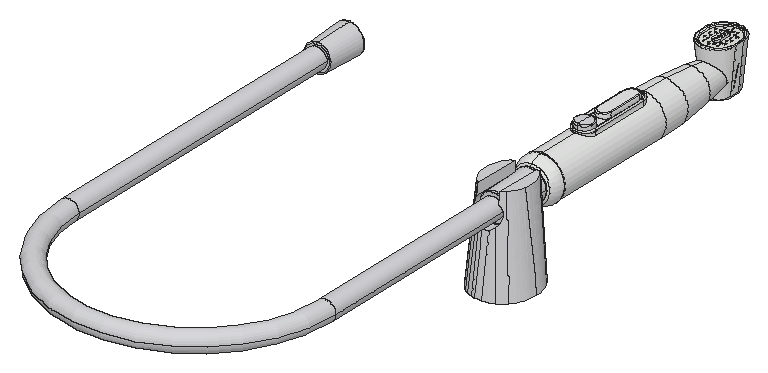
Revit family "Shower-Hygiene_Spray-KOHLER-Spaviva-K-29152T_1", category Plumbing Fixtures, host Face, Revit 2021
Family settings
  Host = Face
  Round Connector Dimension = Use Diameter
  Part Type = Normal
  OmniClass Number = 23.31.17.00
  OmniClass Title = Showers
  Cut with Voids When Loaded = No
  Shared = No
  Room Calculation Point = No
Parameters (values of type "WPT-White")
  Width = 1.8189"  # constant formula
  WaterSense Certified = 1 = 0  # no
  Waste Water Outlet = "Waste Water Outlet"  # constant formula
  Waste Connection = 1 = 0  # no
  Vent Connection = 1 = 0  # no
  URL = "http://www.kohler.com.cn/"
  Type = 3
  Tempered Water Inlet = "Tempered Water Inlet"  # constant formula
  Product Page URL = ""
  Product Name = "Spaviva"  # constant formula
  Product Documentation Link = ""
  Pressure = 0.00 psi
  Model = if(Type = 1, "K-29152T-BPT", if(Type = 2, "K-29152T-CP", if(Type = 3, "K-29152T-WPT", "NA")))  # "K-29152T-WPT"
  Material = "Plastic"  # constant formula
  Master Format 2014 Name = "Residential Showers"  # constant formula
  Master Format 2014 = "22 42 23"  # constant formula
  Manufacturer Address = "Kohler Beijing Office (100016) 36-2-03-B, No. 88, Liuxiang Road, Beijing"  # constant formula
  Manufacturer = "Kohler Co."  # constant formula
  Length = 2.20276"  # constant formula
  Hot Water Inlet = "Hot Water Inlet"  # constant formula
  Hose Finish = Kohler-Plastic-CP-Polished_Chrome
  Height = 9.55732"  # constant formula
  HW Connection = 1 = 1  # yes
  Flow Rate = 0 GPM
  Finish = Kohler-Plastic-WPT-White
  Face Plate Finish = Kohler-Plastic-NY-Dune
  Environmental Product Declaration = ""
  Drain Included = 1 = 0  # no
  Description = "Hygiene Spray For Body Clean"  # constant formula
  Default Elevation = 42"
  Declare Label = ""
  Date Modified = "04/08/2024"  # constant formula
  Date Created = "04/08/2024"  # constant formula
  Copyright = "Copyright Kohler Co."  # constant formula
  Contact Us = "http://www.kohler.com.cn/contact/contact-us/"
  Cold Water Inlet = "Cold Water Inlet"  # constant formula
  CW Connection = 1 = 0  # no
  Bracket Finish = Kohler-Plastic-CP-Polished_Chrome
  Assembly Code = "D2010700"
  ADA Compliant = 1 = 0  # no
Reference planes (in)
  plane 1 "Center (Front/Back)": y = 0
  plane 2: z = 0
  plane 3 "Center (Left/Right)": x = 0
  plane 4: y = 9.5573228
  plane 5: y = 8.2226772
  plane 6: x = -7.5333022
  plane 7: x = -0.6496063
  plane 8: x = 0.6496063
  plane 9: x = -0.9094488
  plane 10: x = 0.9094488
  plane 11: y = 1.9195215
  plane 12: x = -7.8246408
  plane 13: x = -7.2419636
  plane 14: x = -0.2913386
  plane 15: x = 0.2913386
  plane 16: y = 4.6614785
  plane 17: y = 5.9410957
  plane 18: y = 3.5706232
  plane 19: y = 3.4803762
  plane 20: y = 0.5411329
  plane 21: z = 2.8523487
  plane 22: z = 1.5531361
  plane 23: z = 2.2027559
  plane 24: z = 2.9114038
  plane 25: z = 3.0602541
  plane 26: y = -9.681058
  plane 27: x = -0.5543307
  plane 28: x = 0.5543307
  plane 29: z = 3.0091214
  plane 30: y = 1.7637795
  plane 31: z = 2.7943115
  plane 32: z = 0.0187209
Dimensions and locks (in)
  "Width": plane 9 to plane 10
  "Height": plane 1 "Center (Front/Back)" to plane 4
  plane 27 to plane 28 = 1.10866"
  plane 5 to plane 4 = 1.33465"
  plane 18 to plane 17 = 2.37047"
  "Length": plane 23 to level
  plane 11 to plane 4 = 7.6378"
  plane 7 to plane 8 = 1.29921"
  plane 14 to plane 15 = 0.58268"
  plane 22 to plane 25 = 1.50712"
  plane 21 to plane 24 = 0.05906"
  plane 16 to plane 19 = 1.1811"
  plane 30 to plane 1 "Center (Front/Back)" = 1.76378"
  plane 31 to plane 32 = 2.77559"
  aligned and locked: plane 2 to host face
  aligned and locked: level to host face
  aligned and locked: plane 3 "Center (Left/Right)" to nested 1
  aligned and locked: plane 1 "Center (Front/Back)" to nested 1
Automatic sketch dimensions
  host sketch curve to host sketch curve = 96"  (x2)
Nested families (in)
  nested 1: "K-29152T" at (0, 0, 0), type "K-29152T"
Connectors (in)
  piping at (-7.5333022, 4.6614785, 2.2027424), diameter 0.5, driven by "HW Connection", driven by "Tempered Water Inlet"
    settings: on nested 1, index 1, connector inside diameter 24", connector length 0", flow factor 0, pipe flow 0 GPM, pressure drop 0.00 psi, fitting loss kfactor 0, connector angle 0.00°, fixture units 0, engagement length 0", angle of deflection 0.00°, flow configuration 0, flow direction 1, fitting loss method 0, system type 19, joint type 0, gender type 0, connector reference index -1, connector utility 1, adjustable connector no, is connector primary yes, connector description "Tempered Water Inlet"
Definition of nested family "K-29152T"
  Parameters (values of type "K-29152T")
    Material = none
    Hose Material = none
    HW Connection = no
    Face Plate Material = none
    Default Elevation = 0"
    Bracket Material = none
  Reference planes (in)
    plane 1 "Center (Front/Back)": y = 0
    plane 2: z = 0
    plane 3 "Center (Left/Right)": x = 0
    plane 4: x = -0.6496063
    plane 5: x = 0.6496063
    plane 6: y = 1.9195215
    plane 7: y = 9.5573167
    plane 8: x = -0.5543307
    plane 9: x = 0.5543307
    plane 10: y = 8.2226711
    plane 11: y = 5.9410957
    plane 12: y = 3.5706232
    plane 13: x = -0.2913386
    plane 14: x = 0.2913386
    plane 15: x = -0.9094488
    plane 16: x = 0.9094488
    plane 17: z = 2.2027424
    plane 18: z = 2.8523487
    plane 19: z = 1.5531361
    plane 20: z = 2.9114038
    plane 21: z = 1.6311202
    plane 22: z = 3.0602541
    plane 23: y = 1.7637795
    plane 24: z = 2.7943115
    plane 25: y = 0.5411329
    plane 26: x = -0.4527559
    plane 27: x = 0.4527559
    plane 28: z = 2.6554983
    plane 29: z = 1.7499865
    plane 30: y = 4.6614785
    plane 31: x = -7.5333022
    plane 32: y = 3.4803762
    plane 33: x = -7.8246408
    plane 34: x = -7.2419636
    plane 35: y = -9.681058
    plane 36: z = 3.0091214
    plane 37: z = 0.0187209
  Forms (in)
    Revolve 1, solid, material <- "Material", detail levels medium+fine
      sketch origin (0, 0, 0) x (0, 1, 0) y (0, 0, 1)
        loop
          line (2.3132223, 2.2027424) -> (8.7246194, 2.2027424) -> (8.7246194, 2.5870974)
          arc (8.7246194, 2.5870974) -> (8.2749557, 2.6596824) -> (7.8237758, 2.7221545) r 20.2882511
          arc (7.8237758, 2.7221545) -> (7.3589429, 2.7757678) -> (6.8929973, 2.818647) r 20.2882511
          arc (6.8929973, 2.818647) -> (6.4735266, 2.8439199) -> (6.0533797, 2.8523487) r 10.475618
          line (6.0533797, 2.8523487) -> (2.3351396, 2.8523487)
          arc (2.3351396, 2.8523487) -> (2.3196417, 2.8459293) -> (2.3132223, 2.8304314) r 0.0219173
          line (2.3132223, 2.8304314) -> (2.3132223, 2.2027424)
        axis (2.3132223, 2.2027424) -> (8.7246194, 2.2027424)
      angle from 0 to 360
    Revolve 2, solid, material <- "Hose Material"
      sketch origin (0, 0, 2.2022638) x (1, 0, 0) y (0, 1, 0)
        loop
          line (0, 0.5411329) -> (0, 1.9195215) -> (-0.436553, 1.9195215)
          arc (-0.436553, 1.9195215) -> (-0.4512479, 1.9133063) -> (-0.4570234, 1.8984331) r 0.0204795
          line (-0.4570234, 1.8984331) -> (-0.4172942, 0.5626672)
          arc (-0.4172942, 0.5626672) -> (-0.4105684, 0.5474018) -> (-0.3951099, 0.5411329) r 0.0221941
          line (-0.3951099, 0.5411329) -> (0, 0.5411329)
        axis (0, 0.5411329) -> (0, 1.9195215)
      angle from 0 to 360
    Blend 3, solid, material <- "Bracket Material"
      base sketch origin (0, 0, 0) x (1, 0, 0) y (0, 1, 0)
        loop
          arc (0.6439475, 0.2912815) -> (0.844251, 0.6201783) -> (0.9093521, 0.999726) r 1.0271218
          arc (0.9093521, 0.999726) -> (0.8486182, 1.332625) -> (0.6852116, 1.6289503) r 1.0506281
          arc (0.6852116, 1.6289503) -> (0.6414587, 1.6798705) -> (0.593387, 1.7267352) r 0.7607745
          arc (0.593387, 1.7267352) -> (0.5797313, 1.7354518) -> (0.5640235, 1.7394169) r 0.0507085
          arc (0.5640235, 1.7394169) -> (0.0034905, 1.7637803) -> (-0.5570446, 1.7394664) r 6.4668877
          arc (-0.5570446, 1.7394664) -> (-0.5802621, 1.7335313) -> (-0.6003421, 1.7204518) r 0.0735982
          arc (-0.6003421, 1.7204518) -> (-0.6446563, 1.6764443) -> (-0.6852116, 1.6289503) r 0.7607745
          arc (-0.6852116, 1.6289503) -> (-0.8486182, 1.332625) -> (-0.9093521, 0.999726) r 1.0506281
          arc (-0.9093521, 0.999726) -> (-0.8870811, 0.7669359) -> (-0.8127308, 0.5452171) r 1.0271218
          arc (-0.8127308, 0.5452171) -> (-0.7612551, 0.4489016) -> (-0.6998441, 0.3585959) r 1.0271218
          arc (-0.6998441, 0.3585959) -> (-0.6042236, 0.2497843) -> (-0.4942465, 0.1555066) r 1.0271218
          arc (-0.4942465, 0.1555066) -> (-0.4403642, 0.12163) -> (-0.3841562, 0.0917706) r 0.8727117
          arc (-0.3841562, 0.0917706) -> (-0.3152392, 0.061915) -> (-0.2440104, 0.0380956) r 0.8727117
          arc (-0.2440104, 0.0380956) -> (-0.2005412, 0.0268135) -> (-0.1565493, 0.0177825) r 0.8727117
          arc (-0.1565493, 0.0177825) -> (-0.0325125, 0.0046827) -> (0.092125, 0.0093985) r 0.8727117
          arc (0.092125, 0.0093985) -> (0.2592661, 0.0445608) -> (0.4163576, 0.111604) r 0.8727117
          arc (0.4163576, 0.111604) -> (0.5376672, 0.1919243) -> (0.6439475, 0.2912815) r 0.8727117
      top sketch origin (0, 0, 0) x (1, 0, 0) y (0, 1, 0)
        loop
          arc (0.5190695, 1.5989244) -> (0.4862101, 1.642799) -> (0.4500777, 1.6840202) r 0.7131206
          arc (0.4500777, 1.6840202) -> (0.431368, 1.6975741) -> (0.4090148, 1.7034135) r 0.0625623
          line (0.4090148, 1.7034135) -> (0.0037356, 1.7317534) -> (-0.4197381, 1.7021412)
          arc (-0.4197381, 1.7021412) -> (-0.435663, 1.6978692) -> (-0.448822, 1.687935) r 0.0431402
          arc (-0.448822, 1.687935) -> (-0.6502082, 1.3088316) -> (-0.6507189, 0.8795585) r 0.8900241
          arc (-0.6507189, 0.8795585) -> (-0.6155217, 0.7679732) -> (-0.5665424, 0.6617134) r 0.9265591
          arc (-0.5665424, 0.6617134) -> (-0.5053145, 0.5635259) -> (-0.4323258, 0.4737356) r 0.9265591
          arc (-0.4323258, 0.4737356) -> (-0.403284, 0.4443739) -> (-0.3722656, 0.4171088) r 0.5919072
          arc (-0.3722656, 0.4171088) -> (-0.2852015, 0.3579094) -> (-0.1890264, 0.3150715) r 0.5919072
          arc (-0.1890264, 0.3150715) -> (-0.1517893, 0.3036718) -> (-0.1138833, 0.2947453) r 0.5919072
          arc (-0.1138833, 0.2947453) -> (-0.0572228, 0.2861849) -> (0, 0.2831436) r 0.5919072
          arc (0, 0.2831436) -> (0.0711187, 0.2877666) -> (0.1411662, 0.3009037) r 0.5919072
          arc (0.1411662, 0.3009037) -> (0.1900651, 0.3154283) -> (0.2375318, 0.3341092) r 0.5919072
          arc (0.2375318, 0.3341092) -> (0.3420697, 0.3939601) -> (0.4323258, 0.4737356) r 0.5919072
          arc (0.4323258, 0.4737356) -> (0.5671563, 0.6628522) -> (0.6507189, 0.8795585) r 0.9265591
          arc (0.6507189, 0.8795585) -> (0.6621925, 1.2533876) -> (0.5190695, 1.5989244) r 0.8900241
      from 0.0187209 to 2.8005843
    Revolve 4, solid, material <- "Hose Material"
      sketch origin (-7.5333022, -0.5962025, 0) x (0, -1, 0) y (0, 0, -1)
        loop
          line (-5.2349678, -2.6553269) -> (-4.0958896, -2.5974734)
          arc (-4.0958896, -2.5974734) -> (-4.0821767, -2.5911717) -> (-4.0765787, -2.5771567) r 0.0203428
          line (-4.0765787, -2.5771567) -> (-4.0765787, -2.2027424) -> (-5.2576811, -2.2027424) -> (-5.2576811, -2.633738)
          arc (-5.2576811, -2.633738) -> (-5.2509569, -2.6494062) -> (-5.2349678, -2.6553269) r 0.0216168
        axis (-4.0765787, -2.2027424) -> (-5.2576811, -2.2027424)
      angle from 0 to 360
    Sweep 5, solid, material <- "Hose Material"
      path origin (0, 0, 0) x (1, 0, 0) y (0, 1, 0)
        loop
          line (-7.5333022, 3.4803762) -> (-7.5333022, -5.6202683)
          arc (-7.5333022, -5.6202683) -> (-3.7666511, -9.3869195) -> (0, -5.6202683) r 3.7666511
          line (0, -5.6202683) -> (0, 0.5411329)
      profile origin (-7.5333022, -1.0699461, 0) x (1, 0, 0) y (0, 0, 1)
        loop
          circle (0, 2.2027424) r 0.2913386
    Sweep 6, solid, material <- "Material", detail levels medium+fine
      path origin (0, 0, 0) x (1, 0, 0) y (0, 1, 0)
        loop
          arc (0.5509636, 9.033802) -> (0, 9.5567268) -> (-0.5509636, 9.033802) r 0.5517153
          arc (-0.5509636, 9.033802) -> (-0.5544248, 8.8838572) -> (-0.5491497, 8.7339652) r 2.5749108
          arc (-0.5491497, 8.7339652) -> (0, 8.2190406) -> (0.5491497, 8.7339652) r 0.5502871
          arc (0.5491497, 8.7339652) -> (0.5544248, 8.8838572) -> (0.5509636, 9.033802) r 2.5749108
      profile origin (0, 9.5567268, 0) x (0, 1, 0) y (0, 0, 1)
        loop
          line (-0.1547817, 1.6524027) -> (-0.0015038, 3.0410373)
          arc (-0.0015038, 3.0410373) -> (-0.0092224, 3.0569304) -> (-0.0268905, 3.0568349) r 0.0165769
          arc (-0.0268905, 3.0568349) -> (-0.0511024, 3.0424418) -> (-0.0761624, 3.0295822) r 0.4527589
          arc (-0.0761624, 3.0295822) -> (-0.089022, 3.0181902) -> (-0.0938019, 3.0016887) r 0.0308737
          line (-0.0938019, 3.0016887) -> (-0.0938019, 2.892307) -> (-0.3397643, 2.892307) -> (-0.3397643, 1.6313723) -> (-0.1782611, 1.6313723)
          arc (-0.1782611, 1.6313723) -> (-0.1625007, 1.6373986) -> (-0.1547817, 1.6524027) r 0.023622
    Blend 7, solid, material <- "Face Plate Material", detail levels medium+fine
      base sketch origin (0, 0, 0) x (1, 0, 0) y (0, 1, 0)
        loop
          arc (0.2116622, 9.0160719) -> (0, 9.2169625) -> (-0.2116622, 9.0160719) r 0.211951
          arc (-0.2116622, 9.0160719) -> (-0.2146667, 8.8859126) -> (-0.2100877, 8.7557992) r 2.2351465
          arc (-0.2100877, 8.7557992) -> (0, 8.5588049) -> (0.2100877, 8.7557992) r 0.2105228
          arc (0.2100877, 8.7557992) -> (0.2146667, 8.8859126) -> (0.2116622, 9.0160719) r 2.2351465
      top sketch origin (0, 0, 0) x (1, 0, 0) y (0, 1, 0)
        loop
          arc (0.4555417, 8.7399931) -> (0.4606246, 8.8844246) -> (0.4572895, 9.028907) r 2.4811089
          arc (0.4572895, 9.028907) -> (0, 9.4629249) -> (-0.4572895, 9.028907) r 0.4579134
          arc (-0.4572895, 9.028907) -> (-0.4606246, 8.8844246) -> (-0.4555417, 8.7399931) r 2.4811089
          arc (-0.4555417, 8.7399931) -> (0, 8.3128426) -> (0.4555417, 8.7399931) r 0.4564852
      from 1.6313723 to 3.0216698
    Extrusion 8, void
      sketch origin (0, 0, 0) x (1, 0, 0) y (0, 1, 0)
        loop
          circle (0.000332, 9.3282575) r 0.0241249
        loop
          circle (0.1943914, 9.2639837) r 0.0241249
        loop
          circle (0.0799005, 9.2362453) r 0.0241249
        loop
          circle (0.1990051, 9.1279403) r 0.0241249
        loop
          circle (0.3087952, 9.094567) r 0.0241249
        loop
          circle (0.227131, 8.9677947) r 0.0241249
        loop
          circle (0.325792, 8.8877142) r 0.0241249
        loop
          circle (-0.1943914, 9.2639837) r 0.0241249
        loop
          circle (-0.0799005, 9.2362453) r 0.0241249
        loop
          circle (-0.1990051, 9.1279403) r 0.0241249
        loop
          circle (-0.3087952, 9.094567) r 0.0241249
        loop
          circle (-0.227131, 8.9677947) r 0.0241249
        loop
          circle (-0.325792, 8.8877142) r 0.0241249
        loop
          circle (0.000332, 8.4467433) r 0.0241249
        loop
          circle (0.1943914, 8.5110171) r 0.0241249
        loop
          circle (0.0799005, 8.5387556) r 0.0241249
        loop
          circle (0.1990051, 8.6470605) r 0.0241249
        loop
          circle (0.3087952, 8.6804339) r 0.0241249
        loop
          circle (0.227131, 8.8010545) r 0.0241249
        loop
          circle (-0.1943914, 8.5110171) r 0.0241249
        loop
          circle (-0.0799005, 8.5387556) r 0.0241249
        loop
          circle (-0.1990051, 8.6447537) r 0.0241249
        loop
          circle (-0.3087952, 8.6804339) r 0.0241249
        loop
          circle (-0.227131, 8.8072061) r 0.0241249
      from 2.306418 to 3.3971472
    Extrusion 9, void
      sketch origin (0, 0, 0) x (1, 0, 0) y (0, 1, 0)
        loop
          line (-0.1023759, 9.056796) -> (-0.1023759, 8.7238517)
          arc (-0.1023759, 8.7238517) -> (-0.0007333, 8.6222091) -> (0.1009092, 8.7238517) r 0.1016426
          line (0.1009092, 8.7238517) -> (0.1009092, 9.056796)
          arc (0.1009092, 9.056796) -> (-0.0007333, 9.1584385) -> (-0.1023759, 9.056796) r 0.1016426
      from 2.8005843 to 3.5986242
    Extrusion 10, solid, material <- "Face Plate Material", detail levels medium+fine
      sketch origin (0, 0, 0) x (1, 0, 0) y (0, 1, 0)
        loop
          arc (-0.1002272, 8.725079) -> (-0.0005653, 8.625417) -> (0.0990967, 8.725079) r 0.099662
          line (0.0990967, 8.725079) -> (0.0990967, 9.0504357)
          arc (0.0990967, 9.0504357) -> (-0.0005653, 9.1500977) -> (-0.1002272, 9.0504357) r 0.099662
          line (-0.1002272, 9.0504357) -> (-0.1002272, 8.725079)
      from 2.8005843 to 3.0592212
    Extrusion 11, void
      sketch origin (0, 0, 0) x (1, 0, 0) y (0, 1, 0)
        loop
          circle (0.000024, 9.0538104) r 0.0393701
        loop
          circle (0.000024, 8.9435596) r 0.0393701
        loop
          circle (0.000024, 8.8329271) r 0.0393701
        loop
          circle (0.000024, 8.7233148) r 0.0393701
      from 2.8005843 to 3.7407566
    Extrusion 12, void
      sketch origin (0, 0, 0) x (1, 0, 0) y (0, 0, 1)
        loop
          line (-0.3238906, 3.072712) -> (-0.3238906, 2.480266)
          arc (-0.3238906, 2.480266) -> (-0.0004013, 1.7819658) -> (0.323088, 2.480266) r 0.4240787
          line (0.323088, 2.480266) -> (0.323088, 3.072712) -> (-0.3238906, 3.072712)
      from -2.8717308 to 0.5547134
    Sweep 13, solid, material <- "Material"
      path origin (0.031389, -7.5289106, 0.6851139) x (1, 0, 0) y (0, 1, 0)
        loop
          arc (0.2898371, 13.147695) -> (-0.0276517, 13.4651839) -> (-0.3451405, 13.147695) r 0.3174888
          line (-0.3451405, 13.147695) -> (-0.3451405, 11.4054781)
          arc (-0.3451405, 11.4054781) -> (-0.0276517, 11.0879892) -> (0.2898371, 11.4054781) r 0.3174888
          line (0.2898371, 11.4054781) -> (0.2898371, 13.147695)
      profile origin (0.0037373, 5.9362732, 0.6851139) x (0, 1, 0) y (0, 0, 1)
        loop
          arc (0.1236129, 1.8909285) -> (0.0166842, 2.02321) -> (0.0085186, 2.1931084) r 0.2737596
          arc (0.0085186, 2.1931084) -> (0.0013034, 2.2168943) -> (-0.023268, 2.2206458) r 0.0233082
          arc (-0.023268, 2.2206458) -> (-0.0418838, 2.2128378) -> (-0.060707, 2.205544) r 0.7349638
          arc (-0.060707, 2.205544) -> (-0.0777132, 2.2008931) -> (-0.0952741, 2.1993263) r 0.0991956
          line (-0.0952741, 2.1993263) -> (-0.1267701, 2.1993263) -> (-0.1267701, 1.8909285) -> (0.1236129, 1.8909285)
    Sweep 14, solid, material <- "Material"
      path origin (0, 0, 0) x (1, 0, 0) y (0, 1, 0)
        loop
          arc (-0.2144909, 4.5932636) -> (-0.0015784, 4.3803511) -> (0.211334, 4.5932636) r 0.2129124
          line (0.211334, 4.5932636) -> (0.211334, 5.6198036)
          arc (0.211334, 5.6198036) -> (-0.0015784, 5.8327161) -> (-0.2144909, 5.6198036) r 0.2129124
          line (-0.2144909, 5.6198036) -> (-0.2144909, 4.5932636)
      profile origin (-0.0015784, 4.3803511, 0) x (0, -1, 0) y (0, 0, 1)
        loop
          arc (-0.0584032, 2.7035817) -> (-0.0069772, 2.8426139) -> (-0.0125807, 2.9907462) r 0.3805056
          arc (-0.0125807, 2.9907462) -> (-0.0212427, 3.0043171) -> (-0.0364514, 3.0095986) r 0.0245386
          line (-0.0364514, 3.0095986) -> (-0.0981821, 3.0095986) -> (-0.0981821, 2.7035817) -> (-0.0584032, 2.7035817)
    Extrusion 15, solid, material <- "Material"
      sketch origin (0, 0, 0) x (1, 0, 0) y (0, 1, 0)
        loop
          line (0.1131519, 4.5932636) -> (0.1131519, 5.6198036)
          arc (0.1131519, 5.6198036) -> (-0.0015784, 5.7345339) -> (-0.1163088, 5.6198036) r 0.1147303
          line (-0.1163088, 5.6198036) -> (-0.1163088, 4.5932636)
          arc (-0.1163088, 4.5932636) -> (-0.0015784, 4.4785333) -> (0.1131519, 4.5932636) r 0.1147303
      from 2.7035817 to 3.0095986
    Revolve 16, solid
      sketch origin (0, 0, 0) x (0, 1, 0) y (0, 0, 1)
        loop
          line (3.8868994, 3.056352) -> (3.8868994, 2.8093347) -> (4.151711, 2.8093347) -> (4.151711, 3.0140793)
          arc (4.151711, 3.0140793) -> (4.1458632, 3.0298522) -> (4.1311464, 3.0380008) r 0.0241955
          arc (4.1311464, 3.0380008) -> (4.0093701, 3.0517975) -> (3.8868994, 3.056352) r 1.6205755
        axis (3.8868994, 2.8093347) -> (3.8868994, 3.056352)
      angle from 0 to 360
    Extrusion 17, solid, material <- "Material"
      sketch origin (0, 0, 0) x (1, 0, 0) y (0, 1, 0)
        loop
          arc (-0.1869814, 4.0744178) -> (0.0037373, 4.1517365) -> (0.194456, 4.0744178) r 0.2738781
          line (0.194456, 4.0744178) -> (0.194456, 4.5202392)
          arc (0.194456, 4.5202392) -> (0.0123425, 4.3838428) -> (-0.1869814, 4.4935665) r 0.2098293
          line (-0.1869814, 4.4935665) -> (-0.1869814, 4.0744178)
      from 2.8005843 to 2.8844401
    Revolve 18, solid, material <- "Material", detail levels coarse
      sketch origin (0, 0, 0) x (0, 1, 0) y (0, 0, 1)
        loop
          arc (1.9500832, 2.733063) -> (1.927596, 2.7064748) -> (1.9195215, 2.6726015) r 0.0750875
          line (1.9195215, 2.6726015) -> (1.9195215, 2.2027424) -> (2.3132223, 2.2027424) -> (2.3132223, 2.8523487)
          arc (2.3132223, 2.8523487) -> (2.1221077, 2.8217635) -> (1.9500832, 2.733063) r 0.6123913
        axis (1.9195215, 2.2027424) -> (2.3132223, 2.2027424)
      angle from 0 to 360
    Extrusion 19, solid, material <- "Material"
      sketch origin (0, 0, 0) x (1, 0, 0) y (0, 0, 1)
        loop
          circle (-7.5333022, 2.2027424) r 0.0787402
      from -4.6614785 to -4.4623199
    Extrusion 20, solid, material <- "Material", detail levels coarse
      sketch origin (0, 0, 0) x (1, 0, 0) y (0, 1, 0)
        loop
          arc (0.5509636, 9.033802) -> (0, 9.5567268) -> (-0.5509636, 9.033802) r 0.5517153
          arc (-0.5509636, 9.033802) -> (-0.5544248, 8.8838572) -> (-0.5491497, 8.7339652) r 2.5749108
          arc (-0.5491497, 8.7339652) -> (0, 8.2190406) -> (0.5491497, 8.7339652) r 0.5502871
          arc (0.5491497, 8.7339652) -> (0.5544248, 8.8838572) -> (0.5509636, 9.033802) r 2.5749108
      from 1.6313723 to 3.0592212
    Extrusion 21, solid, material <- "Bracket Material"
      sketch origin (0, 0, 0) x (1, 0, 0) y (0, 1, 0)
        loop
          arc (0.5478184, 1.6617826) -> (-0.0003448, 1.6850392) -> (-0.5484819, 1.6611735) r 6.3881475
          arc (-0.5484819, 1.6611735) -> (-0.5875176, 1.6222591) -> (-0.6232836, 1.5803197) r 0.6820343
          arc (-0.6232836, 1.5803197) -> (-0.7744435, 1.3062027) -> (-0.8306257, 0.9982531) r 0.9718879
          arc (-0.8306257, 0.9982531) -> (-0.8100621, 0.783309) -> (-0.7414115, 0.5785873) r 0.9483816
          arc (-0.7414115, 0.5785873) -> (-0.6938819, 0.4896555) -> (-0.6371788, 0.4062727) r 0.9483816
          arc (-0.6371788, 0.4062727) -> (-0.549456, 0.3063635) -> (-0.4486234, 0.219704) r 0.9483816
          arc (-0.4486234, 0.219704) -> (-0.4002271, 0.1893775) -> (-0.3497761, 0.1626085) r 0.7939715
          arc (-0.3497761, 0.1626085) -> (-0.2870771, 0.1354467) -> (-0.2222748, 0.1137764) r 0.7939715
          arc (-0.2222748, 0.1137764) -> (-0.1827277, 0.1035122) -> (-0.1427049, 0.095296) r 0.7939715
          arc (-0.1427049, 0.095296) -> (-0.0298593, 0.0833781) -> (0.0835328, 0.0876685) r 0.7939715
          arc (0.0835328, 0.0876685) -> (0.2355936, 0.1196582) -> (0.3785116, 0.1806525) r 0.7939715
          arc (0.3785116, 0.1806525) -> (0.4888761, 0.2537259) -> (0.5855673, 0.3441187) r 0.7939715
          arc (0.5855673, 0.3441187) -> (0.7705154, 0.6478019) -> (0.8306257, 0.9982531) r 0.9483816
          arc (0.8306257, 0.9982531) -> (0.7744435, 1.3062027) -> (0.6232836, 1.5803197) r 0.9718879
          arc (0.6232836, 1.5803197) -> (0.5872117, 1.6225896) -> (0.5478184, 1.6617826) r 0.6820343
      from 0 to 0.0187209
    Revolve 22, solid, material <- "Material", detail levels medium+fine
      sketch origin (0, 0, 0) x (0, 1, 0) y (0, 0, 1)
        loop
          arc (1.9500832, 2.733063) -> (1.927596, 2.7064748) -> (1.9195215, 2.6726015) r 0.0750875
          line (1.9195215, 2.6726015) -> (1.9195215, 2.2027424) -> (2.3132223, 2.2027424) -> (2.3132223, 2.8523487)
          arc (2.3132223, 2.8523487) -> (2.1221077, 2.8217635) -> (1.9500832, 2.733063) r 0.6123913
        axis (1.9195215, 2.2027424) -> (2.3132223, 2.2027424)
      angle from 0 to 360
    Revolve 23, solid, material <- "Material", detail levels coarse
      sketch origin (0, 0, 0) x (0, 1, 0) y (0, 0, 1)
        loop
          line (2.3132223, 2.2027424) -> (8.7246194, 2.2027424) -> (8.7246194, 2.5870974)
          arc (8.7246194, 2.5870974) -> (8.2749557, 2.6596824) -> (7.8237758, 2.7221545) r 20.2882511
          arc (7.8237758, 2.7221545) -> (7.3589429, 2.7757678) -> (6.8929973, 2.818647) r 20.2882511
          arc (6.8929973, 2.818647) -> (6.4735266, 2.8439199) -> (6.0533797, 2.8523487) r 10.475618
          line (6.0533797, 2.8523487) -> (2.3351396, 2.8523487)
          arc (2.3351396, 2.8523487) -> (2.3196417, 2.8459293) -> (2.3132223, 2.8304314) r 0.0219173
          line (2.3132223, 2.8304314) -> (2.3132223, 2.2027424)
        axis (2.3132223, 2.2027424) -> (8.7246194, 2.2027424)
      angle from 0 to 360
  Cuts and joins
    Extrusion 8, Extrusion 9 cuts Blend 7
    Extrusion 11 cuts Extrusion 10
    Extrusion 12 cuts Blend 3
    joined: Blend 3, Extrusion 21
    joined: Sweep 14, Extrusion 15
    joined: Sweep 13, Extrusion 17
    joined: Revolve 2, Revolve 4, Sweep 5
  Lines and regions (in)
    Masking region 1
      outline origin (0, 0, 0) x (1, 0, 0) y (0, 1, 0)
        loop
          arc (-0.55167, 8.7507071) -> (-0.5151316, 8.5749067) -> (-0.4241162, 8.4201262) r 0.5521476
          arc (-0.4241162, 8.4201262) -> (-0.5016787, 7.7331476) -> (-0.5855468, 7.0469103) r 75.2808899
          arc (-0.5855468, 7.0469103) -> (-0.6335755, 6.5410044) -> (-0.6496063, 6.0330766) r 8.0547168
          line (-0.6496063, 6.0330766) -> (-0.6496063, 2.3447242)
          arc (-0.6496063, 2.3447242) -> (-0.6405381, 2.3223859) -> (-0.6184652, 2.3126892) r 0.0320478
          line (-0.6184652, 2.3126892) -> (-0.6495676, 2.3126892)
          arc (-0.6495676, 2.3126892) -> (-0.6217541, 2.1395064) -> (-0.5479228, 1.9804002) r 0.6393209
          arc (-0.5479228, 1.9804002) -> (-0.5007464, 1.9362026) -> (-0.4382902, 1.9195215) r 0.1327765
          arc (-0.4382902, 1.9195215) -> (-0.4515304, 1.9121669) -> (-0.4564829, 1.8978538) r 0.0211976
          line (-0.4564829, 1.8978538) -> (-0.4516379, 1.7474843) -> (-0.5577403, 1.7400649)
          arc (-0.5577403, 1.7400649) -> (-0.5783889, 1.7347363) -> (-0.5957693, 1.72238) r 0.0586748
          arc (-0.5957693, 1.72238) -> (-0.7279311, 1.5608168) -> (-0.8310724, 1.379347) r 1.2380532
          arc (-0.8310724, 1.379347) -> (-0.8924929, 1.1921323) -> (-0.9094488, 0.9958307) r 0.8554135
          arc (-0.9094488, 0.9958307) -> (-0.9044533, 0.9028662) -> (-0.8949248, 0.8102565) r 1.9061882
          arc (-0.8949248, 0.8102565) -> (-0.813373, 0.5301164) -> (-0.6496063, 0.2886426) r 0.9369931
          arc (-0.6496063, 0.2886426) -> (-0.4846479, 0.150461) -> (-0.2913386, 0.0559257) r 0.8897035
          line (-0.2913386, 0.0559257) -> (-0.2913386, -5.628226)
          arc (-0.2913386, -5.628226) -> (-3.7666511, -9.1035386) -> (-7.2419636, -5.628226) r 3.4753125
          line (-7.2419636, -5.628226) -> (-7.2419636, 3.4803762) -> (-7.1593993, 3.4803762)
          arc (-7.1593993, 3.4803762) -> (-7.144579, 3.4863048) -> (-7.1379368, 3.5008193) r 0.021488
          line (-7.1379368, 3.5008193) -> (-7.0824888, 4.6397934)
          arc (-7.0824888, 4.6397934) -> (-7.0881699, 4.6550617) -> (-7.1031439, 4.6614785) r 0.0206796
          line (-7.1031439, 4.6614785) -> (-7.9640244, 4.6614785)
          arc (-7.9640244, 4.6614785) -> (-7.9786094, 4.6552283) -> (-7.9841431, 4.6403566) r 0.0201425
          line (-7.9841431, 4.6403566) -> (-7.9286676, 3.5008193)
          arc (-7.9286676, 3.5008193) -> (-7.9220254, 3.4863048) -> (-7.9072051, 3.4803762) r 0.021488
          line (-7.9072051, 3.4803762) -> (-7.8246408, 3.4803762) -> (-7.8246408, -5.6231993)
          arc (-7.8246408, -5.6231993) -> (-6.8250751, -8.2902807) -> (-4.3188048, -9.6434488) r 4.0579897
          arc (-4.3188048, -9.6434488) -> (-4.0224498, -9.6716463) -> (-3.7249052, -9.681058) r 4.7080425
          line (-3.7249052, -9.681058) -> (-3.6934091, -9.681058)
          arc (-3.6934091, -9.681058) -> (-3.3423938, -9.662542) -> (-2.9952744, -9.6071995) r 3.3364305
          arc (-2.9952744, -9.6071995) -> (-0.6363541, -8.2055472) -> (0.2913386, -5.6231993) r 4.0579897
          line (0.2913386, -5.6231993) -> (0.2913386, 0.0559257)
          arc (0.2913386, 0.0559257) -> (0.4846479, 0.150461) -> (0.6496063, 0.2886426) r 0.8897035
          arc (0.6496063, 0.2886426) -> (0.813373, 0.5301164) -> (0.8949248, 0.8102565) r 0.9369931
          arc (0.8949248, 0.8102565) -> (0.9044533, 0.9028662) -> (0.9094488, 0.9958307) r 1.9061882
          arc (0.9094488, 0.9958307) -> (0.8924929, 1.1921323) -> (0.8310724, 1.379347) r 0.8554135
          arc (0.8310724, 1.379347) -> (0.7279311, 1.5608168) -> (0.5957693, 1.72238) r 1.2380532
          arc (0.5957693, 1.72238) -> (0.5783889, 1.7347363) -> (0.5577403, 1.7400649) r 0.0586748
          line (0.5577403, 1.7400649) -> (0.4516379, 1.7474843) -> (0.4564829, 1.8978538)
          arc (0.4564829, 1.8978538) -> (0.4515304, 1.9121669) -> (0.4382902, 1.9195215) r 0.0211976
          arc (0.4382902, 1.9195215) -> (0.5007464, 1.9362026) -> (0.5479228, 1.9804002) r 0.1327765
          arc (0.5479228, 1.9804002) -> (0.6217541, 2.1395064) -> (0.6495676, 2.3126892) r 0.6393209
          line (0.6495676, 2.3126892) -> (0.6184652, 2.3126892)
          arc (0.6184652, 2.3126892) -> (0.6403787, 2.3207242) -> (0.6496063, 2.3421629) r 0.0295183
          line (0.6496063, 2.3421629) -> (0.6496063, 6.0330766)
          arc (0.6496063, 6.0330766) -> (0.6335755, 6.5410044) -> (0.5855468, 7.0469103) r 8.0547168
          arc (0.5855468, 7.0469103) -> (0.5016787, 7.7331476) -> (0.4241162, 8.4201262) r 75.2808899
          arc (0.4241162, 8.4201262) -> (0.5151316, 8.5749067) -> (0.55167, 8.7507071) r 0.5521476
          arc (0.55167, 8.7507071) -> (0.5544211, 8.8926969) -> (0.5508599, 9.0346688) r 3.195157
          arc (0.5508599, 9.0346688) -> (0, 9.5600683) -> (-0.5508599, 9.0346688) r 0.5514768
          arc (-0.5508599, 9.0346688) -> (-0.5544211, 8.8926969) -> (-0.55167, 8.7507071) r 3.195157
    Masking region 2
      outline origin (0, 0, 0) x (1, 0, 0) y (0, 0, 1)
        loop
          line (-0.7306922, 0) -> (0.7306922, 0) -> (0.7649707, 0.0197907) -> (0.9094488, 0.0197907)
          arc (0.9094488, 0.0197907) -> (0.8743229, 0.8859623) -> (0.8039713, 1.7499865) r 21.2939762
          arc (0.8039713, 1.7499865) -> (0.7459458, 2.2528737) -> (0.6745894, 2.7540431) r 19.0656225
          arc (0.6745894, 2.7540431) -> (0.6666441, 2.7690718) -> (0.6511304, 2.7760227) r 0.0261072
          arc (0.6511304, 2.7760227) -> (0.602744, 2.780208) -> (0.5543307, 2.7840708) r 7.2909551
          line (0.5543307, 2.7840708) -> (0.5543307, 3.0400722)
          arc (0.5543307, 3.0400722) -> (0.5484196, 3.0543429) -> (0.5341488, 3.0602541) r 0.0201819
          line (0.5341488, 3.0602541) -> (-0.5341488, 3.0602541)
          arc (-0.5341488, 3.0602541) -> (-0.5484196, 3.0543429) -> (-0.5543307, 3.0400722) r 0.0201819
          line (-0.5543307, 3.0400722) -> (-0.5543307, 2.7842777)
          arc (-0.5543307, 2.7842777) -> (-0.6027499, 2.7804326) -> (-0.6511423, 2.776265) r 7.2909551
          arc (-0.6511423, 2.776265) -> (-0.6666406, 2.7690751) -> (-0.6745894, 2.7540431) r 0.0261072
          arc (-0.6745894, 2.7540431) -> (-0.6943035, 2.6247187) -> (-0.7131298, 2.4952621) r 19.0656225
          line (-0.7131298, 2.4952621) -> (-7.18773, 2.4952621)
          arc (-7.18773, 2.4952621) -> (-7.9860581, 2.2027424) -> (-7.18773, 1.9102227) r 0.4527559
          line (-7.18773, 1.9102227) -> (-0.7869505, 1.9102227)
          arc (-0.7869505, 1.9102227) -> (-0.7956302, 1.8301226) -> (-0.8039713, 1.7499865) r 19.0656225
          arc (-0.8039713, 1.7499865) -> (-0.8743229, 0.8859623) -> (-0.9094488, 0.0197907) r 21.2939762
          line (-0.9094488, 0.0197907) -> (-0.7649707, 0.0197907) -> (-0.7306922, 0)
    Masking region 3
      outline origin (0, 0, 0) x (0, 1, 0) y (0, 0, 1)
        loop
          arc (1.9195215, 2.6433177) -> (1.9358211, 2.7059007) -> (1.9801875, 2.752953) r 0.1303824
          arc (1.9801875, 2.752953) -> (2.1396291, 2.8255529) -> (2.3127602, 2.8523487) r 0.6420182
          line (2.3127602, 2.8523487) -> (2.3127602, 2.8178926)
          arc (2.3127602, 2.8178926) -> (2.3345717, 2.8429945) -> (2.3664832, 2.8523487) r 0.0591099
          line (2.3664832, 2.8523487) -> (3.5043269, 2.8523487)
          arc (3.5043269, 2.8523487) -> (3.5396105, 2.862132) -> (3.5654993, 2.8880243) r 0.0718905
          arc (3.5654993, 2.8880243) -> (3.5752995, 2.9010362) -> (3.5878639, 2.9114038) r 0.0693671
          line (3.5878639, 2.9114038) -> (3.6234331, 2.9114038) -> (3.6234331, 3.0138014)
          arc (3.6234331, 3.0138014) -> (3.6291516, 3.0292325) -> (3.643545, 3.0372107) r 0.0236797
          arc (3.643545, 3.0372107) -> (3.8879343, 3.05597) -> (4.1323958, 3.038175) r 1.6435255
          arc (4.1323958, 3.038175) -> (4.1461798, 3.0305878) -> (4.1516618, 3.0158395) r 0.0225801
          line (4.1516618, 3.0158395) -> (4.1516618, 2.9114038) -> (4.3536064, 2.9114038)
          arc (4.3536064, 2.9114038) -> (4.3684078, 2.906323) -> (4.3835108, 2.902225) r 0.2382142
          arc (4.3835108, 2.902225) -> (4.3841025, 2.9472551) -> (4.3934143, 2.9913159) r 0.2311491
          arc (4.3934143, 2.9913159) -> (4.4026482, 3.0041934) -> (4.4177084, 3.0091214) r 0.0254764
          line (4.4177084, 3.0091214) -> (5.7965385, 3.0091214)
          arc (5.7965385, 3.0091214) -> (5.8138012, 3.0032069) -> (5.8238096, 2.9879487) r 0.0281493
          arc (5.8238096, 2.9879487) -> (5.8316602, 2.945504) -> (5.8337214, 2.9023887) r 0.3196901
          arc (5.8337214, 2.9023887) -> (5.8484201, 2.9070223) -> (5.8631959, 2.9114038) r 0.9007483
          line (5.8631959, 2.9114038) -> (5.9143468, 2.9114038)
          arc (5.9143468, 2.9114038) -> (5.9301736, 2.9066501) -> (5.9407617, 2.8939624) r 0.0287233
          arc (5.9407617, 2.8939624) -> (5.9697575, 2.8612128) -> (6.012591, 2.8523487) r 0.0693111
          line (6.012591, 2.8523487) -> (6.298378, 2.8523487)
          arc (6.298378, 2.8523487) -> (6.5955923, 2.8414374) -> (6.8921525, 2.8189104) r 7.6030584
          arc (6.8921525, 2.8189104) -> (7.488344, 2.7598082) -> (8.0841155, 2.6966126) r 87.2265287
          arc (8.0841155, 2.6966126) -> (8.189257, 2.7316124) -> (8.2312372, 2.8341667) r 0.1327792
          line (8.2312372, 2.8341667) -> (8.2226711, 3.0383937)
          arc (8.2226711, 3.0383937) -> (8.2306945, 3.0539899) -> (8.2470768, 3.0602541) r 0.0245539
          line (8.2470768, 3.0602541) -> (9.5358568, 3.0602541)
          arc (9.5358568, 3.0602541) -> (9.551202, 3.0537982) -> (9.5573167, 3.038314) r 0.0214652
          line (9.5573167, 3.038314) -> (9.4016849, 1.6516758)
          arc (9.4016849, 1.6516758) -> (9.3941135, 1.6370084) -> (9.3786932, 1.6311202) r 0.0231361
          line (9.3786932, 1.6311202) -> (8.3169089, 1.6311202)
          arc (8.3169089, 1.6311202) -> (8.3023669, 1.6368728) -> (8.2956958, 1.6510171) r 0.0212567
          line (8.2956958, 1.6510171) -> (8.2931053, 1.6914291)
          arc (8.2931053, 1.6914291) -> (8.265183, 1.7462835) -> (8.2061365, 1.7636663) r 0.0777769
          arc (8.2061365, 1.7636663) -> (7.5124107, 1.6781872) -> (6.819046, 1.5898272) r 168.2715243
          arc (6.819046, 1.5898272) -> (6.5352291, 1.5623184) -> (6.2502301, 1.5531361) r 4.4274737
          line (6.2502301, 1.5531361) -> (2.3664832, 1.5531361)
          arc (2.3664832, 1.5531361) -> (2.3345717, 1.5624903) -> (2.3127602, 1.5875922) r 0.0591099
          line (2.3127602, 1.5875922) -> (2.3127602, 1.5531361)
          arc (2.3127602, 1.5531361) -> (2.1396291, 1.5799319) -> (1.9801875, 1.6525318) r 0.6420182
          arc (1.9801875, 1.6525318) -> (1.9346461, 1.7017558) -> (1.9195944, 1.7671046) r 0.1303824
          arc (1.9195944, 1.7671046) -> (1.9129939, 1.7527585) -> (1.8982317, 1.7472341) r 0.0205793
          line (1.8982317, 1.7472341) -> (1.733525, 1.7529857) -> (1.7637795, 0.0197071) -> (1.6629306, 0.0197071) -> (1.6186635, 0) -> (0.1458528, 0) -> (0.1057056, 0.0187209) -> (-0.0000863, 0.0187209) -> (0.1544098, 1.7846189)
          arc (0.1544098, 1.7846189) -> (0.1922013, 1.8473233) -> (0.2276091, 1.9114038) r 1.9473317
          line (0.2276091, 1.9114038) -> (-9.3897194, 1.9114038)
          arc (-9.3897194, 1.9114038) -> (-9.681058, 2.2027424) -> (-9.3897194, 2.494081) r 0.2913386
          line (-9.3897194, 2.494081) -> (0.3285021, 2.494081) -> (0.3777675, 2.7475294)
          arc (0.3777675, 2.7475294) -> (0.3887859, 2.7667399) -> (0.4092477, 2.7752112) r 0.0342953
          arc (0.4092477, 2.7752112) -> (1.0473825, 2.7956838) -> (1.685533, 2.7757081) r 10.0779038
          arc (1.685533, 2.7757081) -> (1.6992213, 2.7694104) -> (1.7051323, 2.7555508) r 0.0209292
          line (1.7051323, 2.7555508) -> (1.7087612, 2.6516343) -> (1.8982317, 2.6582508)
          arc (1.8982317, 2.6582508) -> (1.9130417, 2.6526817) -> (1.9195215, 2.6382469) r 0.0205793
    symbolic lines, detail levels medium+fine
      curve 1: arc (-0.4652398, 9.0307898, 0) -> (-0.4677427, 8.8893422, 0) -> (-0.4660682, 8.7478824, 0) r 4.7908224
      curve 2: arc (0.4652398, 9.0307898, 0) -> (0.4677427, 8.8893422, 0) -> (0.4660682, 8.7478824, 0) r 4.7908224
      curve 3: arc (0.4652398, 9.0307898, 0) -> (0, 9.4811686, 0) -> (-0.4652398, 9.0307898, 0) r 0.465485
      curve 4: arc (-0.4660682, 8.7478824, 0) -> (0, 8.2940507, 0) -> (0.4660682, 8.7478824, 0) r 0.4662331
      curve 5: arc (0.4554025, 9.0304704, 0) -> (0, 9.4713261, 0) -> (-0.4554025, 9.0304704, 0) r 0.4556425
      curve 6: arc (-0.4554025, 9.0304704, 0) -> (-0.4579003, 8.8893134, 0) -> (-0.4562291, 8.7481442, 0) r 4.7809799
      curve 7: arc (-0.4562291, 8.7481442, 0) -> (0, 8.3038933, 0) -> (0.4562291, 8.7481442, 0) r 0.4563906
      curve 8: arc (0.4554025, 9.0304704, 0) -> (0.4579003, 8.8893134, 0) -> (0.4562291, 8.7481442, 0) r 4.7809799
      curve 9: arc (-0.541836, 8.7511164, 0) -> (-0.3928115, 8.3997787, 0) -> (-0.0492524, 8.233605, 0) r 0.5423051
      curve 10: arc (-0.5410284, 9.0342033, 0) -> (-0.5445786, 8.8926689, 0) -> (-0.541836, 8.7511164, 0) r 3.1853145
      curve 11: arc (0.5410284, 9.0342033, 0) -> (0, 9.5502258, 0) -> (-0.5410284, 9.0342033, 0) r 0.5416343
      curve 12: arc (0.541836, 8.7511164, 0) -> (0.5445786, 8.8926689, 0) -> (0.5410284, 9.0342033, 0) r 3.1853145
      curve 13: arc (-0.0492524, 8.233605, 0) -> (0.3572312, 8.3656485, 0) -> (0.541836, 8.7511164, 0) r 0.5423051
      curve 14: arc (-0.4241162, 8.4201262, 0) -> (-0.2566455, 8.2847926, 0) -> (-0.0501463, 8.2238032, 0) r 0.5521476
      curve 15: arc (-0.0501463, 8.2238032, 0) -> (0.2111849, 8.2635043, 0) -> (0.4241162, 8.4201262, 0) r 0.5521476
      curve 16: line (-0.1140512, 8.7207566, 0) -> (-0.1140512, 9.0548686, 0)
      curve 17: line (0.1115831, 8.7207566, 0) -> (0.1115831, 9.0548686, 0)
      curve 18: arc (-0.1140512, 9.0548686, 0) -> (-0.0012341, 9.1676858, 0) -> (0.1115831, 9.0548686, 0) r 0.1128171
      curve 19: arc (0.1115831, 8.7207566, 0) -> (-0.0012341, 8.6079394, 0) -> (-0.1140512, 8.7207566, 0) r 0.1128171
      curve 20: line (-0.1276172, 9.0534801, 0) -> (-0.1276172, 8.7244441, 0)
      curve 21: line (0.1276172, 9.0534801, 0) -> (0.1276172, 8.7244441, 0)
      curve 22: arc (-0.1276172, 8.7244441, 0) -> (0, 8.5968269, 0) -> (0.1276172, 8.7244441, 0) r 0.1276172
      curve 23: arc (0.1276172, 9.0534801, 0) -> (0, 9.1810973, 0) -> (-0.1276172, 9.0534801, 0) r 0.1276172
      curve 24: line (-0.0943129, 8.7216793, 0) -> (-0.0943129, 9.0532106, 0)
      curve 25: line (0.0943129, 8.7216793, 0) -> (0.0943129, 9.0532106, 0)
      curve 26: arc (-0.0943129, 9.0532106, 0) -> (0, 9.1475235, 0) -> (0.0943129, 9.0532106, 0) r 0.0943129
      curve 27: arc (0.0943129, 8.7216793, 0) -> (0, 8.6273664, 0) -> (-0.0943129, 8.7216793, 0) r 0.0943129
      curve 28: line (-0.0742827, 8.7232666, 0) -> (-0.0742827, 9.0535107, 0)
      curve 29: line (0.0742827, 8.7232666, 0) -> (0.0742827, 9.0535107, 0)
      curve 30: arc (-0.0742827, 9.0535107, 0) -> (0, 9.1277934, 0) -> (0.0742827, 9.0535107, 0) r 0.0742827
      curve 31: arc (0.0742827, 8.7232666, 0) -> (0, 8.648984, 0) -> (-0.0742827, 8.7232666, 0) r 0.0742827
      curve 32: line (-0.1236802, 9.0534801, 0) -> (-0.1236802, 8.7244441, 0)
      curve 33: arc (-0.1236802, 8.7244441, 0) -> (0, 8.6007639, 0) -> (0.1236802, 8.7244441, 0) r 0.1236802
      curve 34: line (0.1236802, 9.0534801, 0) -> (0.1236802, 8.7244441, 0)
      curve 35: arc (0.1236802, 9.0534801, 0) -> (0, 9.1771603, 0) -> (-0.1236802, 9.0534801, 0) r 0.1236802
      curve 36: arc (0.1040254, 9.2362453, 0) -> (0.0799005, 9.2603701, 0) -> (0.0557756, 9.2362453, 0) r 0.0241249
      curve 37: arc (0.0557756, 9.2362453, 0) -> (0.0799005, 9.2121204, 0) -> (0.1040254, 9.2362453, 0) r 0.0241249
      curve 38: arc (0.1702665, 9.2639837, 0) -> (0.1943914, 9.2398588, 0) -> (0.2185163, 9.2639837, 0) r 0.0241249
      curve 39: arc (0.2185163, 9.2639837, 0) -> (0.1943914, 9.2881086, 0) -> (0.1702665, 9.2639837, 0) r 0.0241249
      curve 40: arc (-0.0557756, 9.2362453, 0) -> (-0.0799005, 9.2603701, 0) -> (-0.1040254, 9.2362453, 0) r 0.0241249
      curve 41: arc (-0.1040254, 9.2362453, 0) -> (-0.0799005, 9.2121204, 0) -> (-0.0557756, 9.2362453, 0) r 0.0241249
      curve 42: arc (-0.1702665, 9.2639837, 0) -> (-0.1943914, 9.2881086, 0) -> (-0.2185163, 9.2639837, 0) r 0.0241249
      curve 43: arc (-0.2185163, 9.2639837, 0) -> (-0.1943914, 9.2398588, 0) -> (-0.1702665, 9.2639837, 0) r 0.0241249
      curve 44: arc (0.0244569, 9.3282575, 0) -> (0.000332, 9.3523824, 0) -> (-0.0237929, 9.3282575, 0) r 0.0241249
      curve 45: arc (-0.0237929, 9.3282575, 0) -> (0.000332, 9.3041326, 0) -> (0.0244569, 9.3282575, 0) r 0.0241249
      curve 46: arc (-0.22313, 9.1279403, 0) -> (-0.1990051, 9.1038154, 0) -> (-0.1748802, 9.1279403, 0) r 0.0241249
      curve 47: arc (-0.1748802, 9.1279403, 0) -> (-0.1990051, 9.1520652, 0) -> (-0.22313, 9.1279403, 0) r 0.0241249
      curve 48: arc (-0.2030061, 8.9677947, 0) -> (-0.227131, 8.9919196, 0) -> (-0.2512559, 8.9677947, 0) r 0.0241249
      curve 49: arc (-0.2512559, 8.9677947, 0) -> (-0.227131, 8.9436698, 0) -> (-0.2030061, 8.9677947, 0) r 0.0241249
      curve 50: arc (-0.2846703, 9.094567, 0) -> (-0.3087952, 9.1186919, 0) -> (-0.3329201, 9.094567, 0) r 0.0241249
      curve 51: arc (-0.3329201, 9.094567, 0) -> (-0.3087952, 9.0704421, 0) -> (-0.2846703, 9.094567, 0) r 0.0241249
      curve 52: arc (0.1748802, 9.1279403, 0) -> (0.1990051, 9.1038154, 0) -> (0.22313, 9.1279403, 0) r 0.0241249
      curve 53: arc (0.22313, 9.1279403, 0) -> (0.1990051, 9.1520652, 0) -> (0.1748802, 9.1279403, 0) r 0.0241249
      curve 54: arc (0.2846703, 9.094567, 0) -> (0.3087952, 9.0704421, 0) -> (0.3329201, 9.094567, 0) r 0.0241249
      curve 55: arc (0.3329201, 9.094567, 0) -> (0.3087952, 9.1186919, 0) -> (0.2846703, 9.094567, 0) r 0.0241249
      curve 56: arc (0.2512559, 8.9677947, 0) -> (0.227131, 8.9919196, 0) -> (0.2030061, 8.9677947, 0) r 0.0241249
      curve 57: arc (0.2030061, 8.9677947, 0) -> (0.227131, 8.9436698, 0) -> (0.2512559, 8.9677947, 0) r 0.0241249
      curve 58: arc (0.0393941, 9.0538104, 0) -> (0.000024, 9.0931805, 0) -> (-0.0393461, 9.0538104, 0) r 0.0393701
      curve 59: arc (-0.0393461, 9.0538104, 0) -> (0.000024, 9.0144403, 0) -> (0.0393941, 9.0538104, 0) r 0.0393701
      curve 60: arc (-0.0393461, 8.9435596, 0) -> (0.000024, 8.9041895, 0) -> (0.0393941, 8.9435596, 0) r 0.0393701
      curve 61: arc (0.0393941, 8.9435596, 0) -> (0.000024, 8.9829296, 0) -> (-0.0393461, 8.9435596, 0) r 0.0393701
      curve 62: arc (0.0393941, 8.8329271, 0) -> (0.000024, 8.8722972, 0) -> (-0.0393461, 8.8329271, 0) r 0.0393701
      curve 63: arc (-0.0393461, 8.8329271, 0) -> (0.000024, 8.793557, 0) -> (0.0393941, 8.8329271, 0) r 0.0393701
      curve 64: arc (-0.0393461, 8.7233148, 0) -> (0.000024, 8.6839448, 0) -> (0.0393941, 8.7233148, 0) r 0.0393701
      curve 65: arc (0.0393941, 8.7233148, 0) -> (0.000024, 8.7626849, 0) -> (-0.0393461, 8.7233148, 0) r 0.0393701
      curve 66: arc (-0.3016671, 8.8877142, 0) -> (-0.325792, 8.9118391, 0) -> (-0.3499169, 8.8877142, 0) r 0.0241249
      curve 67: arc (-0.3499169, 8.8877142, 0) -> (-0.325792, 8.8635893, 0) -> (-0.3016671, 8.8877142, 0) r 0.0241249
      curve 68: arc (-0.2030061, 8.8072061, 0) -> (-0.227131, 8.831331, 0) -> (-0.2512559, 8.8072061, 0) r 0.0241249
      curve 69: arc (-0.2512559, 8.8072061, 0) -> (-0.227131, 8.7830812, 0) -> (-0.2030061, 8.8072061, 0) r 0.0241249
      curve 70: arc (-0.2846703, 8.6804339, 0) -> (-0.3087952, 8.7045588, 0) -> (-0.3329201, 8.6804339, 0) r 0.0241249
      curve 71: arc (-0.3329201, 8.6804339, 0) -> (-0.3087952, 8.656309, 0) -> (-0.2846703, 8.6804339, 0) r 0.0241249
      curve 72: arc (-0.1748802, 8.6447537, 0) -> (-0.1990051, 8.6688786, 0) -> (-0.22313, 8.6447537, 0) r 0.0241249
      curve 73: arc (-0.22313, 8.6447537, 0) -> (-0.1990051, 8.6206288, 0) -> (-0.1748802, 8.6447537, 0) r 0.0241249
      curve 74: arc (0.2512559, 8.8010545, 0) -> (0.227131, 8.8251794, 0) -> (0.2030061, 8.8010545, 0) r 0.0241249
      curve 75: arc (0.2030061, 8.8010545, 0) -> (0.227131, 8.7769296, 0) -> (0.2512559, 8.8010545, 0) r 0.0241249
      curve 76: arc (0.3499169, 8.8877142, 0) -> (0.325792, 8.9118391, 0) -> (0.3016671, 8.8877142, 0) r 0.0241249
      curve 77: arc (0.3016671, 8.8877142, 0) -> (0.325792, 8.8635893, 0) -> (0.3499169, 8.8877142, 0) r 0.0241249
      curve 78: arc (0.3329201, 8.6804339, 0) -> (0.3087952, 8.7045588, 0) -> (0.2846703, 8.6804339, 0) r 0.0241249
      curve 79: arc (0.2846703, 8.6804339, 0) -> (0.3087952, 8.656309, 0) -> (0.3329201, 8.6804339, 0) r 0.0241249
      curve 80: arc (0.1748802, 8.6470605, 0) -> (0.1990051, 8.6229356, 0) -> (0.22313, 8.6470605, 0) r 0.0241249
      curve 81: arc (0.22313, 8.6470605, 0) -> (0.1990051, 8.6711854, 0) -> (0.1748802, 8.6470605, 0) r 0.0241249
      curve 82: arc (-0.1702665, 8.5110171, 0) -> (-0.1943914, 8.535142, 0) -> (-0.2185163, 8.5110171, 0) r 0.0241249
      curve 83: arc (-0.2185163, 8.5110171, 0) -> (-0.1943914, 8.4868922, 0) -> (-0.1702665, 8.5110171, 0) r 0.0241249
      curve 84: arc (-0.0557756, 8.5387556, 0) -> (-0.0799005, 8.5628805, 0) -> (-0.1040254, 8.5387556, 0) r 0.0241249
      curve 85: arc (-0.1040254, 8.5387556, 0) -> (-0.0799005, 8.5146307, 0) -> (-0.0557756, 8.5387556, 0) r 0.0241249
      curve 86: arc (0.0557756, 8.5387556, 0) -> (0.0799005, 8.5146307, 0) -> (0.1040254, 8.5387556, 0) r 0.0241249
      curve 87: arc (0.1040254, 8.5387556, 0) -> (0.0799005, 8.5628805, 0) -> (0.0557756, 8.5387556, 0) r 0.0241249
      curve 88: arc (0.2185163, 8.5110171, 0) -> (0.1943914, 8.535142, 0) -> (0.1702665, 8.5110171, 0) r 0.0241249
      curve 89: arc (0.1702665, 8.5110171, 0) -> (0.1943914, 8.4868922, 0) -> (0.2185163, 8.5110171, 0) r 0.0241249
      curve 90: arc (0.0244569, 8.4467433, 0) -> (0.000332, 8.4708682, 0) -> (-0.0237929, 8.4467433, 0) r 0.0241249
      curve 91: arc (-0.0237929, 8.4467433, 0) -> (0.000332, 8.4226185, 0) -> (0.0244569, 8.4467433, 0) r 0.0241249
      curve 92: line (-0.4382902, 1.9195215, 0) -> (0.4382902, 1.9195215, 0)
      curve 93: line (-0.6184652, 2.3126892, 0) -> (0.6184652, 2.3126892, 0)
      curve 94: line (-0.4564829, 1.8978538, 0) -> (0.4564829, 1.8978538, 0)
      curve 95: line (-0.3550164, 1.6933209, 0) -> (-0.3191741, 0.3801461, 0)
      curve 96: line (-0.4631851, 1.7075518, 0) -> (-0.3726556, 1.7100227, 0)
      curve 97: arc (-0.3726556, 1.7100227, 0) -> (-0.3603769, 1.705325, 0) -> (-0.3550164, 1.6933209, 0) r 0.0171769
      curve 98: arc (-0.5841103, 1.7316801, 0) -> (-0.525006, 1.7128086, 0) -> (-0.4631851, 1.7075518, 0) r 0.2772759
      curve 99: arc (-0.4277138, 1.70852, 0) -> (-0.5210458, 1.599281, 0) -> (-0.5912347, 1.4739113, 0) r 0.7317979
      curve 100: arc (-0.5912347, 1.4739113, 0) -> (-0.637193, 1.3470098, 0) -> (-0.6664218, 1.2152456, 0) r 1.045586
      curve 101: arc (-0.6664218, 1.2152456, 0) -> (-0.6756591, 1.0402366, 0) -> (-0.6496063, 0.8669313, 0) r 0.869301
      curve 102: arc (-0.6496063, 0.8669313, 0) -> (-0.565398, 0.655495, 0) -> (-0.4300923, 0.4724958, 0) r 0.885749
      curve 103: arc (-0.4300923, 0.4724958, 0) -> (-0.3771985, 0.4232398, 0) -> (-0.3191741, 0.3801461, 0) r 0.6514863
      curve 104: line (-0.4249747, 1.6836485, 0) -> (-0.374754, 1.6880423, 0)
      curve 105: line (-0.374754, 1.6880423, 0) -> (-0.3416417, 0.4207107, 0)
      curve 106: arc (-0.3416417, 0.4207107, 0) -> (-0.4219617, 0.4902158, 0) -> (-0.4914667, 0.5705358, 0) r 0.7376566
      curve 107: arc (-0.4914667, 0.5705358, 0) -> (-0.609447, 0.7896749, 0) -> (-0.6586666, 1.0336395, 0) r 0.847293
      curve 108: arc (-0.6586666, 1.0336395, 0) -> (-0.6491189, 1.2200253, 0) -> (-0.6017003, 1.400531, 0) r 0.9088365
      curve 109: arc (-0.6017003, 1.400531, 0) -> (-0.5490731, 1.5121564, 0) -> (-0.4791699, 1.6138589, 0) r 0.7644338
      curve 110: arc (-0.4791699, 1.6138589, 0) -> (-0.4516762, 1.6484461, 0) -> (-0.4249747, 1.6836485, 0) r 1.9462489
      curve 111: line (-0.3235682, 0.5411329, 0) -> (0.3235682, 0.5411329, 0)
      curve 112: line (-0.2913386, 0.0559257, 0) -> (-0.2913386, 0.5411329, 0)
      curve 113: line (0.2913386, 0.0559257, 0) -> (0.2913386, 0.5411329, 0)
      curve 114: line (0.3241142, 0.5611366, 0) -> (-0.3241142, 0.5611366, 0)
      curve 115: line (0.3549594, 1.6912322, 0) -> (0.3191741, 0.3801461, 0)
      curve 116: line (0.4631851, 1.7075518, 0) -> (0.3747442, 1.7099657, 0)
      curve 117: arc (0.5841103, 1.7316801, 0) -> (0.525006, 1.7128086, 0) -> (0.4631851, 1.7075518, 0) r 0.2772759
      curve 118: arc (0.4389029, 1.697536, 0) -> (0.5254942, 1.5928253, 0) -> (0.5912347, 1.4739113, 0) r 0.7317979
      curve 119: arc (0.5912347, 1.4739113, 0) -> (0.637193, 1.3470098, 0) -> (0.6664218, 1.2152456, 0) r 1.045586
      curve 120: arc (0.6664218, 1.2152456, 0) -> (0.6756591, 1.0402366, 0) -> (0.6496063, 0.8669313, 0) r 0.869301
      curve 121: arc (0.6496063, 0.8669313, 0) -> (0.565398, 0.655495, 0) -> (0.4300923, 0.4724958, 0) r 0.885749
      curve 122: arc (0.4300923, 0.4724958, 0) -> (0.3771985, 0.4232398, 0) -> (0.3191741, 0.3801461, 0) r 0.6514863
      curve 123: line (0.4249747, 1.6836485, 0) -> (0.374754, 1.6880423, 0)
      curve 124: line (0.374754, 1.6880423, 0) -> (0.3416417, 0.4207107, 0)
      curve 125: arc (0.3416417, 0.4207107, 0) -> (0.4219617, 0.4902158, 0) -> (0.4914667, 0.5705358, 0) r 0.7376566
      curve 126: arc (0.4914667, 0.5705358, 0) -> (0.609447, 0.7896749, 0) -> (0.6586666, 1.0336395, 0) r 0.847293
      curve 127: arc (0.6586666, 1.0336395, 0) -> (0.6491189, 1.2200253, 0) -> (0.6017003, 1.400531, 0) r 0.9088365
      curve 128: arc (0.6017003, 1.400531, 0) -> (0.5490731, 1.5121564, 0) -> (0.4791699, 1.6138589, 0) r 0.7644338
      curve 129: arc (0.4791699, 1.6138589, 0) -> (0.4516762, 1.6484461, 0) -> (0.4249747, 1.6836485, 0) r 1.9462489
      curve 130: arc (0.3747442, 1.7099657, 0) -> (0.360972, 1.7046965, 0) -> (0.3549594, 1.6912322, 0) r 0.0192663
      curve 131: arc (0.4130125, 1.7089212, 0) -> (0.4270306, 1.7056683, 0) -> (0.4389029, 1.697536, 0) r 0.0388499
      curve 132: line (-0.4516379, 1.7474843, 0) -> (-0.4503625, 1.7079018, 0)
      curve 133: line (0.4516379, 1.7474843, 0) -> (0.4503625, 1.7079018, 0)
      curve 134: line (-0.6496063, 2.3447242, 0) -> (0.649495, 2.3447242, 0)
      curve 135: line (-0.3154362, 3.8860804, 0) -> (-0.3154362, 5.6256542, 0)
      curve 136: line (0.3154362, 3.8860804, 0) -> (0.3154362, 5.6256542, 0)
      curve 137: arc (-0.3154362, 5.6256542, 0) -> (0, 5.9410904, 0) -> (0.3154362, 5.6256542, 0) r 0.3154362
      curve 138: arc (0.3154362, 3.8860804, 0) -> (0, 3.5706443, 0) -> (-0.3154362, 3.8860804, 0) r 0.3154362
      curve 139: line (-0.3064012, 3.8921807, 0) -> (-0.3064012, 5.6177131, 0)
      curve 140: line (0.3064012, 3.8921807, 0) -> (0.3064012, 5.6177131, 0)
      curve 141: arc (-0.3064012, 5.6177131, 0) -> (0, 5.9241142, 0) -> (0.3064012, 5.6177131, 0) r 0.3064012
      curve 142: arc (0.3064012, 3.8921807, 0) -> (0, 3.5857795, 0) -> (-0.3064012, 3.8921807, 0) r 0.3064012
      curve 143: line (-0.2179171, 5.6193243, 0) -> (-0.2179171, 4.5958058, 0)
      curve 144: line (0.2179171, 5.6193243, 0) -> (0.2179171, 4.5958058, 0)
      curve 145: arc (-0.2179171, 4.5958058, 0) -> (0, 4.3778887, 0) -> (0.2179171, 4.5958058, 0) r 0.2179171
      curve 146: arc (0.2179171, 5.6193243, 0) -> (0, 5.8372414, 0) -> (-0.2179171, 5.6193243, 0) r 0.2179171
      curve 147: arc (0.198232, 5.6193243, 0) -> (0, 5.8175563, 0) -> (-0.198232, 5.6193243, 0) r 0.198232
      curve 148: line (-0.198232, 5.6193243, 0) -> (-0.198232, 4.5958058, 0)
      curve 149: arc (-0.198232, 4.5958058, 0) -> (0, 4.3975738, 0) -> (0.198232, 4.5958058, 0) r 0.198232
      curve 150: line (0.198232, 5.6193243, 0) -> (0.198232, 4.5958058, 0)
      curve 151: line (-0.2385031, 4.5930545, 0) -> (-0.2385031, 5.6217523, 0)
      curve 152: line (0.2362862, 4.5930545, 0) -> (0.2362862, 5.6217523, 0)
      curve 153: arc (-0.2385031, 5.6217523, 0) -> (-0.0011085, 5.8591469, 0) -> (0.2362862, 5.6217523, 0) r 0.2373946
      curve 154: arc (-0.2385031, 4.5930545, 0) -> (-0.0011085, 4.3556598, 0) -> (0.2362862, 4.5930545, 0) r 0.2373946
      curve 155: circle (0, 3.8899347, 0) r 0.2764026 normal (0, 0, 1)
      curve 156: circle (0, 3.8907952, 0) r 0.2584381 normal (0, 0, 1)
      curve 157: circle (0, 3.8916557, 0) r 0.2419084 normal (0, 0, 1)
      curve 158: line (-7.9841431, 4.6403566, 0) -> (-7.0824613, 4.6403566, 0)
      curve 159: line (-7.2419636, 3.4803762, 0) -> (-7.8246408, 3.4803762, 0)
      curve 160: line (-7.9286676, 3.5008193, 0) -> (-7.1379368, 3.5008193, 0)
      curve 161: line (0.7649707, 0, 0.0197907) -> (-0.7649707, 0, 0.0197907)
      curve 162: line (0.5330255, 0, 1.6311202) -> (-0.5306605, 0, 1.6311202)
      curve 163: line (0.5543307, 0, 1.6524255) -> (0.5543307, 0, 2.7840708)
      curve 164: line (-0.5543307, 0, 1.6547905) -> (-0.5543307, 0, 2.7840708)
